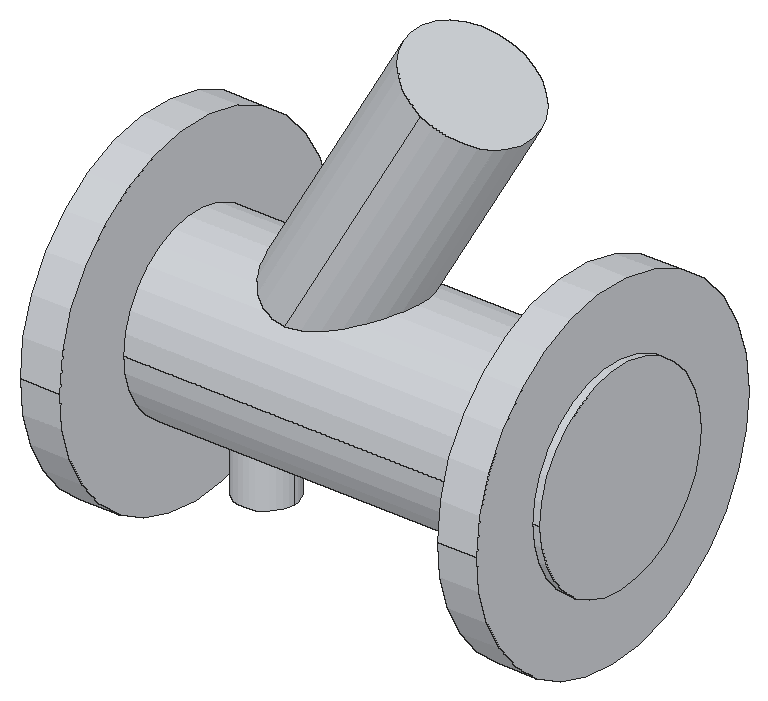
Revit family "HS 821-síto_jemné-PN40-DN025-RFA_2018", category Pipe Accessories, Revit 2018
Family settings
  Round Connector Dimension = Use Diameter
  Part Type = Breaks Into
  Work Plane-Based = No
  Always vertical = Yes
  Cut with Voids When Loaded = No
  Shared = No
Parameters (values of type "821F-DN025-PN40-síto_jemné")
  magiProductId = "504768023968471481789485b54c7e"
  magiProductFamilyId = "79214ac3aaa945e397802f559f5c1e"
  magiPartTypeId = 307
  isMeasuringValve [instance] = no
  ang2D [instance] = 0.00°
  ZB__ve = -ZB  # -19.25 mm
  ZB1 = 27.54 mm
  ZB = 19.25 mm
  X2 = 58.601 mm
  X1 = 22.4 mm
  W2D = 15 mm
  VersionID = "2.0/2017.9.26.1/ZETKAMA_821_001"
  Use Minimum Symbol Size [instance] = yes
  URL = "www.hydronic.cz"
  Type Comments = "Filtr přírubový; síto jemné; A-PN16 (-10~300°C); D-PN25 (-10~350°C); F-PN40 (-10~400°C)"
  S = 68 mm
  QmdConnectorList = "301;D;302;D"
  Productdata [instance] = ""
  Manufacturer = "Hydronic Systems Prague s.r.o."
  MC Product Code = "250 625 (821F; DN025; PN40; kvs14,2; oko síta 0,63mm)"
  LM1 = 12.8 mm
  LM = 128 mm
  L4 = 40 mm
  L2D_Min = 3048 mm
  L2D = 130 mm
  L2 = 80 mm
  HH2 = 101.5 mm
  FD = 115 mm
  Description = "Filtr přírubový; síto jemné; 821A-PN16; 821D-PN25; 821F-PN40"
  DM1 = 43.2 mm
  DM = 61.2 mm
  D = 25 mm
  CC = 2.72 mm
  CAT0 = yes
  C1 = 13.28 mm
  C = 16 mm
  BD = 19.278 mm
Types (40, lengths in mm): name | magiProductId | ZB__ve | ZB1 | ZB | X2 | X1 | S | MC Product Code | LM1 | LM | L4 | L2 | HH2 | FD | DM1 | DM | D | CC | C1 | C | BD
  821A-DN015-PN16-síto_jemné | "a71bcfe8b393460598b23e8ddf7dc5" | -16.25 | 18.63 | 16.25 | 46.982 | 18.2 | 46 | "210 115 (821A; DN015; PN16; kvs6,2; oko síta 0,63mm)" | 10.4 | 104 | 32.5 | 65 | 81.375 | 95 | 27.6 | 41.4 | 15 | 2.21 | 10.79 | 13 | 13.041
  821A-DN020-PN16-síto_jemné | "41cd6c7a12924f4991217528336076" | -17.75 | 22.68 | 17.75 | 51.673 | 21 | 56 | "210 120 (821A; DN020; PN16; kvs9,6; oko síta 0,63mm)" | 12 | 120 | 37.5 | 75 | 89.5 | 105 | 33.6 | 50.4 | 20 | 2.55 | 12.45 | 15 | 15.876
  821A-DN025-PN16-síto_jemné | "be378b463ed14c3abf4c9b3ae8cf3a" | -19.25 | 26.325 | 19.25 | 58.601 | 22.4 | 65 | "210 125 (821A; DN025; PN16; kvs14,2; oko síta 0,63mm)" | 12.8 | 128 | 40 | 80 | 101.5 | 115 | 43.2 | 58.5 | 25 | 2.72 | 13.28 | 16 | 18.427
  821A-DN032-PN16-síto_jemné | "227a0d18b21540afabe8b6067d35fa" | -23 | 30.78 | 23 | 68.849 | 25.2 | 76 | "210 132 (821A; DN032; PN16; kvs23,1; oko síta 0,63mm)" | 14.4 | 144 | 45 | 90 | 119.25 | 140 | 50.4 | 68.4 | 32 | 3.06 | 14.94 | 18 | 21.546
  821A-DN040-PN16-síto_jemné | "d106917c74724141a10440112d0102" | -24.5 | 34.02 | 24.5 | 75.777 | 28 | 84 | "210 140 (821A; DN040; PN16; kvs36,6; oko síta 0,63mm)" | 16 | 160 | 50 | 100 | 131.25 | 150 | 60 | 75.6 | 40 | 3.4 | 16.6 | 20 | 23.814
  821A-DN050-PN16-síto_jemné | "8255d456a09e4f6486734f5dd9171b" | -26.75 | 40.095 | 26.75 | 79.061 | 32.2 | 99 | "210 150 (821A; DN050 PN16; kvs53,7; oko síta 0,63mm)" | 18.4 | 184 | 57.5 | 115 | 136.938 | 165 | 73.8 | 89.1 | 50 | 3.91 | 19.09 | 23 | 28.066
  821A-DN065-PN16-síto_jemné | "235b1b3e4c0843779a4d5e3716d40a" | -29.75 | 47.79 | 29.75 | 86.927 | 40.6 | 118 | "210 165 (821A; DN065; PN16; kvs95,1; oko síta 0,63mm)" | 23.2 | 232 | 72.5 | 145 | 150.562 | 185 | 94.2 | 106.2 | 65 | 4.93 | 24.07 | 29 | 33.453
  821A-DN080-PN16-síto_jemné | "a067f7c5236348ed8c820d16df7214" | -32 | 53.46 | 32 | 104.753 | 43.4 | 132 | "210 180 (821A; DN080; PN16; kvs137,1; oko síta 0,63mm)" | 24.8 | 248 | 77.5 | 155 | 181.438 | 200 | 107.4 | 118.8 | 80 | 5.27 | 25.73 | 31 | 37.422
  821A-DN100-PN16-síto_jemné | "c49a648c2747461285837d643703cd" | -35 | 63.18 | 35 | 114.857 | 49 | 156 | "210 190 (821A; DN100; PN16; kvs206,4; oko síta 0,63mm)" | 28 | 280 | 87.5 | 175 | 198.937 | 220 | 131.4 | 140.4 | 100 | 5.95 | 29.05 | 35 | 44.226
  821A-DN125-PN16-síto_jemné | "bf68e728a163493cbd2a663b26ebdc" | -39.5 | 74.52 | 39.5 | 131.888 | 56 | 184 | "210 191 (821A; DN125; PN16; kvs268,8; oko síta 0,63mm)" | 32 | 320 | 100 | 200 | 228.438 | 250 | 165 | 165.6 | 125 | 6.8 | 33.2 | 40 | 52.164
  821A-DN150-PN16-síto_jemné | "2de770284b654863ae6bc865769dc5" | -44.75 | 85.455 | 44.75 | 155.885 | 67.2 | 211 | "210 192 (821A; DN150; PN16; kvs401,4; oko síta 0,63mm)" | 38.4 | 384 | 120 | 240 | 270 | 285 | 192 | 189.9 | 150 | 8.16 | 39.84 | 48 | 59.818
  821A-DN200-PN16-síto_jemné | "8e5693371ab64aabb29a7f08c76e15" | -53 | 107.73 | 53 | 188.361 | 84 | 266 | "210 193 (821A; DN200; PN16; kvs706,7; oko síta 0,63mm)" | 48 | 480 | 150 | 300 | 326.25 | 340 | 252 | 239.4 | 200 | 10.2 | 49.8 | 60 | 75.411
  821A-DN250-PN16-síto_jemné | "05e37ed948c34047acdd4c42556504" | -62.75 | 129.195 | 62.75 | 255.911 | 102.2 | 319 | "210 194 (821A; DN250; PN16; kvs1229,4; oko síta 0,63mm)" | 58.4 | 584 | 182.5 | 365 | 443.25 | 405 | 309.6 | 287.1 | 250 | 12.41 | 60.59 | 73 | 90.436
  821A-DN300-PN16-síto_jemné | "9ad0af747269428da925480d83ce80" | -71 | 149.85 | 71 | 325.914 | 119 | 370 | "210 195 (821A; DN300; PN16; kvs1902,4; oko síta 0,63mm)" | 68 | 680 | 212.5 | 425 | 564.5 | 460 | 369.6 | 333 | 300 | 14.45 | 70.55 | 85 | 104.895
  821A-DN350-PN16-síto_jemné | "eebc71459bb3451bb4355e7951370a" | -80 | 173.745 | 80 | 356.875 | 137.2 | 429 | "200 196 (821A; DN350; PN16; kvs2611,0; oko síta 0,63mm)" | 78.4 | 784 | 245 | 490 | 618.125 | 520 | 438 | 386.1 | 350 | 16.66 | 81.34 | 98 | 121.621
  821A-DN400-PN16-síto_jemné | "d2f677cb196647e385b2590e7d8abe" | -89 | 194.4 | 89 | 392.237 | 154 | 480 | "210 197 (821A; DN400; PN16; kvs3438,4; oko síta 0,63mm)" | 88 | 880 | 275 | 550 | 679.375 | 580 | 498 | 432 | 400 | 18.7 | 91.3 | 110 | 136.08
  821D-DN015-PN25-síto_jemné | "27ddcbf555414f8ca1fde329bf9087" | -16.25 | 18.63 | 16.25 | 46.982 | 18.2 | 46 | "210 215 (821D; DN015; PN25; kvs6,2; oko síta 0,63mm)" | 10.4 | 104 | 32.5 | 65 | 81.375 | 95 | 27.6 | 41.4 | 15 | 2.21 | 10.79 | 13 | 13.041
  821D-DN020-PN25-síto_jemné | "270e0f14012f47189cd0235c18faee" | -17.75 | 22.68 | 17.75 | 51.673 | 21 | 56 | "210 220 (821D; DN020; PN25; kvs9,6; oko síta 0,63mm)" | 12 | 120 | 37.5 | 75 | 89.5 | 105 | 33.6 | 50.4 | 20 | 2.55 | 12.45 | 15 | 15.876
  821D-DN025-PN25-síto_jemné | "b9a7fb4aa36643878c637d8e1ab992" | -19.25 | 26.325 | 19.25 | 58.601 | 22.4 | 65 | "210 225 (821D; DN025; PN25; kvs14,2; oko síta 0,63mm)" | 12.8 | 128 | 40 | 80 | 101.5 | 115 | 43.2 | 58.5 | 25 | 2.72 | 13.28 | 16 | 18.427
  821D-DN032-PN25-síto_jemné | "6be9a55c4e68400f94eec7e804204c" | -23 | 30.78 | 23 | 68.849 | 25.2 | 76 | "210 232 (821D; DN032; PN25; kvs23,1; oko síta 0,63mm)" | 14.4 | 144 | 45 | 90 | 119.25 | 140 | 50.4 | 68.4 | 32 | 3.06 | 14.94 | 18 | 21.546
  821D-DN040-PN25-síto_jemné | "c54511bd7f584ec2984291479612cb" | -24.5 | 34.02 | 24.5 | 75.777 | 28 | 84 | "210 240 (821D; DN040; PN25; kvs36,6; oko síta 0,63mm)" | 16 | 160 | 50 | 100 | 131.25 | 150 | 60 | 75.6 | 40 | 3.4 | 16.6 | 20 | 23.814
  821D-DN050-PN25-síto_jemné | "5483b1f596b04cd39b23a14a22c90e" | -26.75 | 40.095 | 26.75 | 79.061 | 32.2 | 99 | "210 250 (821D; DN050; PN25; kvs53,7; oko síta 0,63mm)" | 18.4 | 184 | 57.5 | 115 | 136.938 | 165 | 73.8 | 89.1 | 50 | 3.91 | 19.09 | 23 | 28.066
  821D-DN065-PN25-síto_jemné | "767b0f8318e94750bc7a9930ed5b30" | -29.75 | 47.79 | 29.75 | 86.927 | 40.6 | 118 | "210 265 (821D; DN065; PN25; kvs95,1; oko síta 0,63mm)" | 23.2 | 232 | 72.5 | 145 | 150.562 | 185 | 94.2 | 106.2 | 65 | 4.93 | 24.07 | 29 | 33.453
  821D-DN080-PN25-síto_jemné | "e21040fa3cc2404b858198f6b73709" | -32 | 53.46 | 32 | 104.753 | 43.4 | 132 | "210 280 (821D; DN080; PN25; kvs137,1; oko síta 0,63mm)" | 24.8 | 248 | 77.5 | 155 | 181.438 | 200 | 107.4 | 118.8 | 80 | 5.27 | 25.73 | 31 | 37.422
  821D-DN100-PN25-síto_jemné | "175ca87a506b40b3bc6b82f12f33cf" | -37.25 | 63.18 | 37.25 | 114.857 | 49 | 156 | "210 290 (821D; DN100; PN25; kvs206,4; oko síta 0,63mm)" | 28 | 280 | 87.5 | 175 | 198.937 | 235 | 131.4 | 140.4 | 100 | 5.95 | 29.05 | 35 | 44.226
  821D-DN125-PN25-síto_jemné | "77cc98d60da24855999a22dff726b2" | -42.5 | 74.52 | 42.5 | 131.888 | 56 | 184 | "210 291 (821D; DN125; PN25; kvs268,8; oko síta 0,63mm)" | 32 | 320 | 100 | 200 | 228.438 | 270 | 165 | 165.6 | 125 | 6.8 | 33.2 | 40 | 52.164
  821D-DN150-PN25-síto_jemné | "9cf8acfcd15547d68e83172d3abcbe" | -47 | 85.455 | 47 | 155.885 | 67.2 | 211 | "210 292 (821D; DN150; PN25; kvs401,4; oko síta 0,63mm)" | 38.4 | 384 | 120 | 240 | 270 | 300 | 192 | 189.9 | 150 | 8.16 | 39.84 | 48 | 59.818
  821D-DN200-PN25-síto_jemné | "16973f3c9ea14389ba8602495a6b64" | -56 | 110.97 | 56 | 188.361 | 84 | 274 | "210 293 (821D; DN200; PN25; kvs706,7; oko síta 0,63mm)" | 48 | 480 | 150 | 300 | 326.25 | 360 | 252 | 246.6 | 200 | 10.2 | 49.8 | 60 | 77.679
  821F-DN015-PN40-síto_jemné | "4c7eaf3c4c0340888b3e684d8a8616" | -16.25 | 18.225 | 16.25 | 46.982 | 18.2 | 45 | "250 615 (821F; DN015; PN40; kvs6,2; oko síta 0,63mm)" | 10.4 | 104 | 32.5 | 65 | 81.375 | 95 | 27.6 | 40.5 | 15 | 2.21 | 10.79 | 13 | 12.757
  821F-DN020-PN40-síto_jemné | "aaac5f1ec96b44d6ba96ac2293d66d" | -17.75 | 23.49 | 17.75 | 51.673 | 21 | 58 | "250 620 (821F; DN020; PN40; kvs9,6; oko síta 0,63mm)" | 12 | 120 | 37.5 | 75 | 89.5 | 105 | 33.6 | 52.2 | 20 | 2.55 | 12.45 | 15 | 16.443
  821F-DN025-PN40-síto_jemné | "504768023968471481789485b54c7e" | -19.25 | 27.54 | 19.25 | 58.601 | 22.4 | 68 | "250 625 (821F; DN025; PN40; kvs14,2; oko síta 0,63mm)" | 12.8 | 128 | 40 | 80 | 101.5 | 115 | 43.2 | 61.2 | 25 | 2.72 | 13.28 | 16 | 19.278
  821F-DN032-PN40-síto_jemné | "165e7f39cf744f329bdf1c400dad12" | -23 | 31.59 | 23 | 68.849 | 25.2 | 78 | "250 632 (821F; DN032; PN40; kvs23,1; oko síta 0,63mm)" | 14.4 | 144 | 45 | 90 | 119.25 | 140 | 50.4 | 70.2 | 32 | 3.06 | 14.94 | 18 | 22.113
  821F-DN040-PN40-síto_jemné | "b8903f952089408fbf3a5a632bab1f" | -24.5 | 35.64 | 24.5 | 75.777 | 28 | 88 | "250 640 (821F; DN040; PN40; kvs36,6; oko síta 0,63mm)" | 16 | 160 | 50 | 100 | 131.25 | 150 | 60 | 79.2 | 40 | 3.4 | 16.6 | 20 | 24.948
  821F-DN050-PN40-síto_jemné | "c451f97266fe48da8f879cb6a2bd44" | -26.75 | 41.31 | 26.75 | 79.061 | 32.2 | 102 | "250 650 (821F; DN050; PN40; kvs53,7; oko síta 0,63mm)" | 18.4 | 184 | 57.5 | 115 | 136.938 | 165 | 73.8 | 91.8 | 50 | 3.91 | 19.09 | 23 | 28.917
  821F-DN065-PN40-síto_jemné | "dc9821e3f9b34e128f6a8c6b34c198" | -29.75 | 49.41 | 29.75 | 86.927 | 40.6 | 122 | "250 665 (821F; DN065; PN40; kvs95,1; oko síta 0,63mm)" | 23.2 | 232 | 72.5 | 145 | 150.562 | 185 | 94.2 | 109.8 | 65 | 4.93 | 24.07 | 29 | 34.587
  821F-DN080-PN40-síto_jemné | "689aa1e260f84cf4994f027a1d86b5" | -32 | 55.89 | 32 | 104.753 | 43.4 | 138 | "250 680 (821F; DN080; PN40; kvs137,1; oko síta 0,63mm)" | 24.8 | 248 | 77.5 | 155 | 181.438 | 200 | 107.4 | 124.2 | 80 | 5.27 | 25.73 | 31 | 39.123
  821F-DN100-PN40-síto_jemné | "8a45d4e8e2ab425f8c432f21d684f3" | -37.25 | 65.61 | 37.25 | 114.857 | 49 | 162 | "250 690 (821F; DN100; PN40; kvs206,4; oko síta 0,63mm)" | 28 | 280 | 87.5 | 175 | 198.937 | 235 | 131.4 | 145.8 | 100 | 5.95 | 29.05 | 35 | 45.927
  821F-DN125-PN40-síto_jemné | "cf073904c006406b8645afa67ea2fc" | -42.5 | 76.14 | 42.5 | 131.888 | 56 | 188 | "250 691 (821F; DN125; PN40; kvs268,8; oko síta 0,63mm)" | 32 | 320 | 100 | 200 | 228.438 | 270 | 165 | 169.2 | 125 | 6.8 | 33.2 | 40 | 53.298
  821F-DN150-PN40-síto_jemné | "0153b9ddabe14992a630484929fdbc" | -47 | 88.29 | 47 | 155.885 | 67.2 | 218 | "250 692 (821F; DN150; PN40; kvs401,4; oko síta 0,63mm)" | 38.4 | 384 | 120 | 240 | 270 | 300 | 192 | 196.2 | 150 | 8.16 | 39.84 | 48 | 61.803
  821F-DN200-PN40-síto_jemné | "7fb3fc01dd8d42428c203e3f8dd4d5" | -56 | 115.425 | 56 | 188.361 | 84 | 285 | "250 693 (821F; DN200; PN40; kvs706,7; oko síta 0,63mm)" | 48 | 480 | 150 | 300 | 326.25 | 360 | 252 | 256.5 | 200 | 10.2 | 49.8 | 60 | 80.797
Reference planes
  plane 1 "Center (Front/Back)": y = 0
  plane 2 "XYPLANE": z = 0
  plane 3 "Center (Left/Right)": x = 0
  plane 4 "109": x = -51.2
  plane 5 "108": x = 64
  plane 6 "107": x = -64
  plane 7 "105": x = 80
  plane 8 "104": x = -80
  plane 9 "103": y = 0
  plane 10 "102": z = 0
  plane 11 "101": x = -77.28
  plane 12 "100": x = 77.28
  plane 13 "11": x = -28.8
  plane 14 "10": z = 101.5
  plane 15 "9": x = 29.801
  plane 16 "5": z = -27.54
  plane 17 "4": x = -40
  plane 18 "1": x = 40
Forms (mm)
  Extrusion 1, solid, visible <- "CAT0"
    sketch origin (-64, -750, 0) x (0, 1, 0) y (0, 0, 1)
      loop
        circle (750, 0) r 30.6
    from 0 to 128 <- "LM"
  Extrusion 2, solid
    sketch origin (-80, -750, 0) x (0, 1, 0) y (0, 0, 1)
      loop
        circle (750, 0) r 34
    from 0 to 2.72 <- "CC"
  Extrusion 3, solid
    sketch origin (-77.28, -750, 0) x (0, 1, 0) y (0, 0, 1)
      loop
        circle (750, 0) r 57.5
    from 0 to 13.28 <- "C1"
  Extrusion 4, solid
    sketch origin (64, -750, 0) x (0, 1, 0) y (0, 0, 1)
      loop
        circle (750, 0) r 57.5
    from 0 to 13.28 <- "C1"
  Extrusion 5, solid
    sketch origin (77.28, -750, 0) x (0, 1, 0) y (0, 0, 1)
      loop
        circle (750, 0) r 34
    from 0 to 2.72 <- "CC"
  Sweep 6, solid, visible <- "CAT0"
    path origin (750, 0, 0) x (-1, 0, 0) y (0, 0, 1)
      loop
        line (814, 0) -> (778.8, 0) -> (720.199, 101.5)
    profile origin (-64, 0, 0) x (0, 0, -1) y (0, 1, 0)
      loop
        circle (0, 0) r 21.6
  Extrusion 7, solid, visible <- "CAT0"
    sketch origin (-750, 0, -27.54) x (1, 0, 0) y (0, 1, 0)
      loop
        circle (710, 0) r 9.639
    from 0 to -19.25 <- "ZB__ve"
  Extrusion 8, solid, visible <- "CAT0"
    sketch origin (-750, 0, -27.54) x (1, 0, 0) y (0, 1, 0)
      loop
        circle (790, 0) r 9.639
    from 0 to -19.25 <- "ZB__ve"
  Extrusion 9, solid, not visible
    sketch origin (80, -750, 0) x (0, 1, 0) y (0, 0, 1)
      loop
        circle (750, 0) r 10
    from 0 to -10
  Extrusion 10, solid, not visible
    sketch origin (-80, -750, 0) x (0, 1, 0) y (0, 0, 1)
      loop
        circle (750, 0) r 10
    from 0 to 10
Lines and regions (mm)
  reference lines, not visible
    curve 1: circle (2, 2, 0) r 1 normal (0, 0, 1)
Dimensions and locks
  plane 1 "Center (Front/Back)" to curve 1 = 2 mm
  "LM1": plane 6 "107" to plane 4 "109"
  "LM": plane 6 "107" to plane 5 "108"
  "C": plane 8 "104" to plane 6 "107"
  "L2": plane 3 "Center (Left/Right)" to plane 7 "105"
  "L2": plane 3 "Center (Left/Right)" to plane 8 "104"
  locked: plane 1 "Center (Front/Back)" to plane 9 "103"
  locked: plane 2 "XYPLANE" to plane 10 "102"
  "CC": plane 8 "104" to plane 11 "101"
  "C1": plane 5 "108" to plane 12 "100"
  "X1": plane 4 "109" to plane 13 "11"
  "HH2": plane 2 "XYPLANE" to plane 14 "10"
  "X2": plane 13 "11" to plane 15 "9"
  "ZB1": plane 2 "XYPLANE" to plane 16 "5"
  "L4": plane 8 "104" to plane 17 "4"
  "L2": plane 17 "4" to plane 18 "1"
  Sweep 6 sketch curve to Sweep 6 sketch curve = 0 mm  (x2)
  "DM": diameter of Extrusion 1 sketch curve
  "S": diameter of Extrusion 2 sketch curve
  "FD": diameter of Extrusion 3 sketch curve
  "FD": diameter of Extrusion 4 sketch curve
  "S": diameter of Extrusion 5 sketch curve
  "DM1": diameter of Sweep 6 sketch curve
  "BD": diameter of Extrusion 7 sketch curve
  "BD": diameter of Extrusion 8 sketch curve
  aligned and locked: level to plane 2 "XYPLANE"
  aligned and locked: Extrusion 1 sketch curve to plane 9 "103"
  aligned and locked: plane 10 "102" to Extrusion 1 sketch curve
  aligned and locked: Extrusion 2 sketch curve to plane 9 "103"
  aligned and locked: plane 10 "102" to Extrusion 2 sketch curve
  aligned and locked: Extrusion 3 sketch curve to plane 9 "103"
  aligned and locked: plane 10 "102" to Extrusion 3 sketch curve
  aligned and locked: Extrusion 4 sketch curve to plane 9 "103"
  aligned and locked: plane 10 "102" to Extrusion 4 sketch curve
  aligned and locked: Extrusion 5 sketch curve to plane 9 "103"
  aligned and locked: plane 10 "102" to Extrusion 5 sketch curve
  aligned and locked: Sweep 6 sketch curve to plane 9 "103"
  aligned and locked: plane 10 "102" to Sweep 6 sketch curve  (x3)
  aligned and locked: plane 6 "107" to Sweep 6 sketch curve
  aligned and locked: plane 13 "11" to Sweep 6 sketch curve
  aligned and locked: plane 14 "10" to Sweep 6 sketch curve
  aligned and locked: plane 15 "9" to Sweep 6 sketch curve
  aligned and locked: plane 9 "103" to Extrusion 7 sketch curve
  aligned and locked: plane 17 "4" to Extrusion 7 sketch curve
  aligned and locked: plane 9 "103" to Extrusion 8 sketch curve
  aligned and locked: plane 18 "1" to Extrusion 8 sketch curve
  aligned and locked: Extrusion 9 sketch curve to plane 9 "103"
  aligned and locked: plane 10 "102" to Extrusion 9 sketch curve
  aligned and locked: Extrusion 10 sketch curve to plane 9 "103"
  aligned and locked: plane 10 "102" to Extrusion 10 sketch curve
Automatic sketch dimensions
  plane 1 "Center (Front/Back)" to Extrusion 9 sketch curve = 10 mm
  plane 1 "Center (Front/Back)" to Extrusion 10 sketch curve = 10 mm
  plane 3 "Center (Left/Right)" to curve 1 = 2 mm
  radius of curve 1 = 1 mm
Connectors
  piping at (-80, 0, 0), diameter 25, driven by "D"
    settings: on Extrusion 10, index 1, connector inside diameter 609.6 mm, connector length 0 mm, flow factor 0, pipe flow 0.0 L/s, pressure drop 0.0 Pa, fitting loss kfactor 0, connector angle 0.00°, fixture units 0, engagement length 0 mm, angle of deflection 0.00°, flow configuration 0, flow direction 0, fitting loss method 0, system type 29, joint type 0, gender type 0, connector reference index 2, connector utility 0, adjustable connector no, is connector primary yes, connector description ""
  piping at (80, 0, 0), diameter 25, driven by "D"
    settings: on Extrusion 9, index 2, connector inside diameter 609.6 mm, connector length 0 mm, flow factor 0, pipe flow 0.0 L/s, pressure drop 0.0 Pa, fitting loss kfactor 0, connector angle 0.00°, fixture units 0, engagement length 0 mm, angle of deflection 0.00°, flow configuration 0, flow direction 0, fitting loss method 0, system type 29, joint type 0, gender type 0, connector reference index 1, connector utility 0, adjustable connector no, is connector primary no, connector description ""
